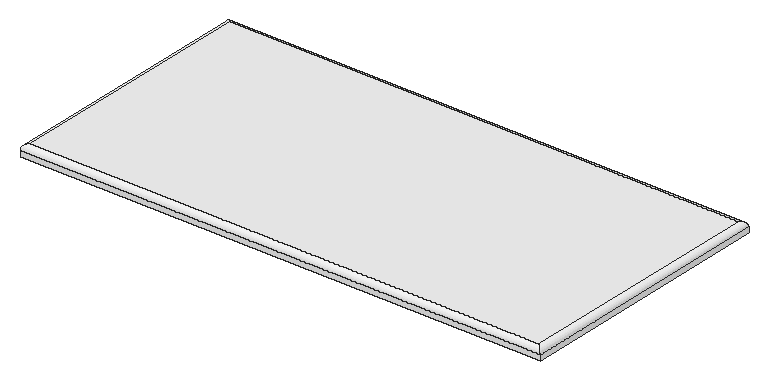
Revit family "Fabrisorb Panels - Radius", category Specialty Equipment, Revit 2023
Family settings
  Round Connector Dimension = Use Diameter
  Part Type = Normal
  OmniClass Number = 23.35.00.00
  OmniClass Title = Covering, Cladding, and Finishes
  Work Plane-Based = Yes
  Enable Cutting in Views = Yes
  Always vertical = No
  Cut with Voids When Loaded = No
  Maintain Annotation Orientation = No
  Shared = No
  Room Calculation Point = No
Parameters (values of type "2 INCH THICK - 48X96")
  URL = "https://www.acousticalsurfaces.com/fabric_panel/fabric-wrapped-wall-panels.html"
  Type Comments = "Fabric Wrapped Acoustical Panels"
  Thickness = 0' - 2"
  Recycled Content Percentage = "0%"
  Model = "Fabrisorb Absorptive Fabric Wrapped Acoustical Panels"
  Material = "Fabrisorb"
  Manufacturer = "Acoustical Surfaces, Inc."
  Fire Rating = "ASTM E84 - Class A"
  Finish = Guilford of Maine Anchorage or FR701 Acoustic Fabric
  Description = "Fabric Wrapped Acoustical Panels"
  Default Elevation = 4' - 0"
  Width = 4' - 0"
  Length = 8' - 0"
  Assembly Code = "C30"
  Acoustics - NRC = "Sound absorption varies from NRC 0.45 to 0.95 based on installation method used when tested per ASTM C423."
  A = Thickness / 2  # 0' - 1"
Types (6): name | Thickness | Width | Length | A
  2 INCH THICK - 48X96 | 0' - 2" | 4' - 0" | 8' - 0" | 0' - 1"
  2 INCH THICK - 24X48 | 0' - 2" | 2' - 0" | 4' - 0" | 0' - 1"
  2 INCH THICK - 24X24 | 0' - 2" | 2' - 0" | 2' - 0" | 0' - 1"
  1 INCH THICK - 48X96 | 0' - 1" | 4' - 0" | 8' - 0" | 0' - 0 1/2"
  1 INCH THICK - 24X48 | 0' - 1" | 2' - 0" | 4' - 0" | 0' - 0 1/2"
  1 INCH THICK - 24X24 | 0' - 1" | 2' - 0" | 2' - 0" | 0' - 0 1/2"
Reference planes (in)
  plane 1 "Center (Front/Back)": y = 0
  plane 2: z = 0
  plane 3 "Center (Left/Right)": x = 0
  plane 4: x = -48
  plane 5: x = 48
  plane 6: y = 24
  plane 7: y = -24
  plane 8: z = 2
Forms (in)
  Extrusion 1, solid, material "Guilford of Maine Anchorage or FR701 Acoustic Fabric" <- "Finish"
    sketch origin (0, 0, 0) x (1, 0, 0) y (0, 1, 0)
      loop
        line (48, 24) -> (-48, 24) -> (-48, -24) -> (48, -24) -> (48, 24)
    from 0 to 2
  Sweep 2, void
    path in 3D
      loop
        line (48, 24, 2) -> (-48, 24, 2) -> (-48, -24, 2) -> (48, -24, 2) -> (48, 24, 2)
    profile "Round Edge : 1" origin (48, 0, 2) x (-1, 0, 0) y (0, 0, 1)
      loop
        line (1, 0) -> (0, 0) -> (0, -1)
        arc (0, -1) -> (0.29289, -0.29289) -> (1, 0) r 1
Cuts and joins
  Sweep 2 cuts Extrusion 1
Lines and regions (in)
  sketch lines
    curve 1: line (48, -24, 2) -> (48, 24, 2)
    curve 2: line (-48, -24, 2) -> (48, -24, 2)
    curve 3: line (-48, 24, 2) -> (-48, -24, 2)
    curve 4: line (48, 24, 2) -> (-48, 24, 2)
Dimensions and locks (in)
  equal spacing: plane 4, plane 3 "Center (Left/Right)", plane 5
  equal spacing: plane 7, plane 1 "Center (Front/Back)", plane 6
  "Width": plane 7 to plane 6
  "Length": plane 4 to plane 5
  "Thickness": plane 8 to level
  aligned and locked: level to plane 2
  aligned and locked: Extrusion 1 sketch curve to plane 4
  aligned and locked: plane 5 to Extrusion 1 sketch curve
  aligned and locked: Extrusion 1 sketch curve to plane 6
  aligned and locked: Extrusion 1 sketch curve to plane 7
  aligned and locked: Extrusion 1 to plane 8
